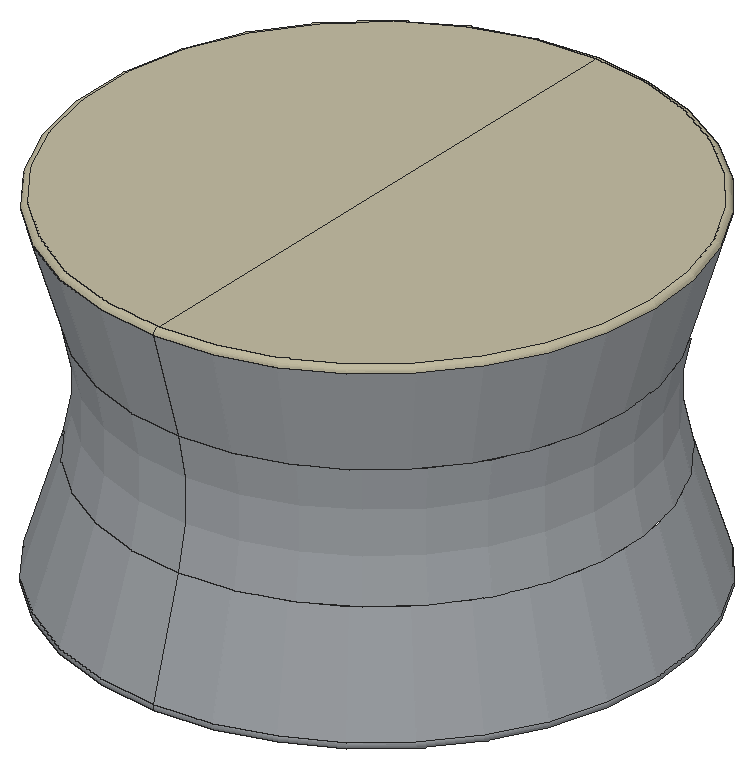
Revit family
Parameters
  URL = "http://www.martinbrattrud.com"
  Table Top [instance] = none
  Table [instance] = none
  SCS Certified Product = "Yes"
  Model = "Makayla 3310-24CH"
  Manufacturer = "Martin Brattrud, Inc."
  Keynote = "125000"
  Foot [instance] = none
  Copyright = "© 2013 Martin Brattrud, Inc."
  Authoring Version = "Revit Architecture 2010"
  Assembly Code = "E2020200"
Reference planes (in)
  plane 1 "Center Front/Back": y = 0
  plane 2: z = 0
  plane 3 "Center Left/Right": x = 0
Forms (in)
  Revolve 1, solid, material <- "Foot"
    sketch origin (0, -11.25064, 48) x (0, -1, 0) y (0, 0, 1)
      loop
        line (-0.375, -48) -> (-0.375, -47.75) -> (-0.75, -47.75) -> (-0.75, -47.90625)
        arc (-0.75, -47.90625) -> (-0.72254, -47.97254) -> (-0.65625, -48) r 0.09375
        line (-0.65625, -48) -> (-0.375, -48)
      axis (-0.375, -48) -> (-0.375, -47.75)
    angle from 0 to 360
  Revolve 2, solid, material <- "Table"
    sketch origin (0, 0, 0) x (0, 1, 0) y (0, 0, 1)
      loop
        line (0, 0.25) -> (0, 14.75) -> (-11.97611, 14.75) -> (-10.61421, 10.29541)
        arc (-10.61421, 10.29541) -> (-10.22095, 7.66406) -> (-10.61421, 5.03272) r 9
        line (-10.61421, 5.03272) -> (-11.97765, 0.57309)
        arc (-11.97765, 0.57309) -> (-11.93954, 0.35129) -> (-11.73858, 0.25) r 0.25
        line (-11.73858, 0.25) -> (0, 0.25)
      axis (0, 14.75) -> (0, 0.25)
    angle from 0 to 360
  Revolve 3, solid, material <- "Table Top"
    sketch origin (0, 0, 0) x (0, 1, 0) y (0, 0, 1)
      loop
        line (0, 14.75) -> (0, 15) -> (-11.72656, 15)
        arc (-11.72656, 15) -> (-11.90334, 14.92678) -> (-11.97656, 14.75) r 0.25
        line (-11.97656, 14.75) -> (0, 14.75)
      axis (0, 15) -> (0, 14.75)
    angle from 0 to 360
  Revolve 4, solid, material <- "Foot"
    sketch origin (0, 11.25064, 48) x (0, 1, 0) y (0, 0, -1)
      loop
        line (-0.375, 48) -> (-0.65625, 48)
        arc (-0.65625, 48) -> (-0.72254, 47.97254) -> (-0.75, 47.90625) r 0.09375
        line (-0.75, 47.90625) -> (-0.75, 47.75) -> (-0.375, 47.75) -> (-0.375, 48)
      axis (-0.375, 48) -> (-0.375, 47.75)
    angle from 0 to 360
  Revolve 5, solid, material <- "Foot"
    sketch origin (11.25064, 0, 48) x (1, 0, 0) y (0, 0, 1)
      loop
        line (-0.375, -48) -> (-0.375, -47.75) -> (-0.75, -47.75) -> (-0.75, -47.90625)
        arc (-0.75, -47.90625) -> (-0.72254, -47.97254) -> (-0.65625, -48) r 0.09375
        line (-0.65625, -48) -> (-0.375, -48)
      axis (-0.375, -48) -> (-0.375, -47.75)
    angle from 0 to 360
  Revolve 6, solid, material <- "Foot"
    sketch origin (-11.25064, 0, 48) x (-1, 0, 0) y (0, 0, -1)
      loop
        line (-0.375, 48) -> (-0.65625, 48)
        arc (-0.65625, 48) -> (-0.72254, 47.97254) -> (-0.75, 47.90625) r 0.09375
        line (-0.75, 47.90625) -> (-0.75, 47.75) -> (-0.375, 47.75) -> (-0.375, 48)
      axis (-0.375, 48) -> (-0.375, 47.75)
    angle from 0 to 360
